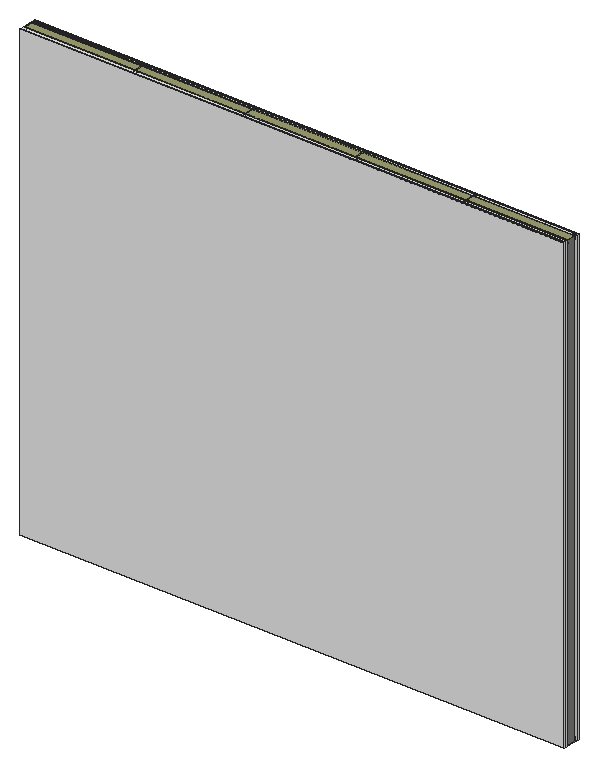
Revit family "Wall system Cementboard - Rigislab (STC 39_Uvalue 0.60)", category Structural Stiffeners, Revit 2020
Family settings
  OmniClass Number = 23.25.30.11.27
  OmniClass Title = Vibration and Earthquake Controls
  Cut with Voids When Loaded = No
  Shared = No
Parameters (values of type "STC 39(Cement board)")
  U-Value (W/m2k) = "0.60"
  U Value Report = ""
  Type of Insulation = "Glass Mineral Wool Semi-rigid slab"
  Total System Thickness-mm = 76 mm
  Thermal R Value = 1.4
  Thermal K Value = 0.348
  System Description = "1. Cementboard-6mm\r\n2. Ecowool Rigislab 50mm x 20kg/m3\r\n3. Stud 64mm \r\n4. Cementboard-6mm"
  Sustainability - Same documentation for all selection = ""
  SubW [instance] = roundup([built-in parameter 1001306] / 609 mm) * 609 mm  # 3045 mm
  SubL [instance] = if([built-in parameter 1001306] > 1218 mm, No Insulation * 609 mm, if([built-in parameter 1001306] > 609 mm, 609 mm, if([built-in parameter 1001306] > 0 mm, 0 mm, No Insulation * 609 mm))) + 1 mm  # 2437 mm
  STC in dB = 39
  STC Report = ""
  STC No = "39"
  Remarks = "Recommended for drywall partition applications where some acoustic performance\r\nare required. Such as office & commercial environment"
  No Metal Stud [instance] = ([built-in parameter 1001306] / [Metal Stud Spacer (mm)])  # 5
  No Insulation [instance] = roundup(SubW / 609 mm) - 1  # 4
  Metal Stud Width = 64 mm
  Metal Stud Spacer (mm) = 609 mm
  Material Specification = "Ecowool Brownie RigiSlab"
  Manufacturer = "PGF Insulation Sdn. Bhd."
  MSDS = ""
  built-in parameter 1001306 [instance] = 3000 mm
  Insulation Length (mm) = 609 mm
  Insulation Thickness (mm) = 50 mm
  Installation and Workmanship- Same for all the system = ""
  Height Wall (mm) = 2500 mm
  Handling and Storage- Same for all system = ""
  Gypsum Thickness (mm) = 6 mm
  Finish = BROWNIE RigiSlab
  FAQ- Same for all System = ""
  ECOWOOL Product thickness in mm = "50"
  Description = "Ecowool Rigislab is semi-rigid or rigid slabs of non-combustible, water repellent, glass mineral wool. They are designed to suit standard dry wall, ensuring a closed joint with adjacent slabs."
  Density = 20.00 kg/m³
  Board Material = Cement Board
  Board 2 = yes
  Board 1 = yes
  AutoCad Drawing = ""
Reference planes
  plane 1 "Center (Front/Back)": y = -12.5
  plane 2: z = 0
  plane 3 "Left": x = 0
  plane 4 "Right": x = 3000
  plane 5: z = 2500
  plane 6: x = 2437
  plane 7: x = 3046
Forms (mm)
  Extrusion 1, solid, material "BROWNIE RigiSlab" <- "Finish"
    sketch origin (0, 0, 0) x (1, 0, 0) y (0, 1, 0)
      loop
        line (2437, 12.5) -> (2437, -37.5) -> (3046, -37.5) -> (3046, 12.5) -> (2437, 12.5)
    from 0 to 2500
  Extrusion 2, void
    sketch origin (0, 0, 0) x (1, 0, 0) y (0, 1, 0)
      loop
        line (2999, 12.5) -> (2999, -37.5) -> (3046, -37.5) -> (3046, 12.5) -> (2999, 12.5)
    from -45.694 to 2779.923
Cuts and joins
  Extrusion 2 cuts Extrusion 1
Lines and regions (mm)
  reference lines
    curve 1: line (0, -12.5, 0) -> (3000, -12.5, 0)
Dimensions and locks
  "built-in parameter 1001306": plane 3 "Left" to plane 4 "Right"
  "Height Wall (mm)": plane 5 to level
  equal spacing: group 1, group 2, group 3, group 4, group 5  (x3)
  "Metal Stud Spacer (mm)": plane 3 "Left" to nested 3
  "SubL": plane 3 "Left" to plane 6
  locked: plane 6 to plane 7 at 609
  equal spacing: Extrusion 1 sketch curve, plane 1 "Center (Front/Back)", Extrusion 1 sketch curve
  "Insulation Thickness (mm)": Extrusion 1 sketch curve to Extrusion 1 sketch curve
  equal spacing: Extrusion 1, plane 1 "Center (Front/Back)", Extrusion 2 sketch curve
  "Insulation Thickness (mm)": Extrusion 2 sketch curve to Extrusion 2 sketch curve
  locked: Extrusion 2 sketch curve to plane 4 "Right" at 1
  plane 4 "Right" to plane 7 = 46 mm
  plane 6 to plane 4 "Right" = 563 mm
  equal spacing: group 6, group 7, group 8, group 9  (x3)
  equal spacing: Extrusion 2 sketch curve, Extrusion 2 sketch curve, nested 1
  aligned and locked: plane 4 "Right" to curve 1
  aligned and locked: plane 1 "Center (Front/Back)" to curve 1
  aligned and locked: plane 3 "Left" to curve 1
  aligned and locked: plane 3 "Left" to nested 1
  aligned and locked: plane 4 "Right" to nested 1
  aligned and locked: plane 5 to nested 2
  aligned and locked: plane 3 "Left" to nested 6
  aligned and locked: nested 8 to plane 4 "Right"
  aligned and locked: plane 1 "Center (Front/Back)" to nested 1
  aligned and locked: plane 1 "Center (Front/Back)" to nested 2
  aligned and locked: plane 1 "Center (Front/Back)" to nested 6
  aligned and locked: nested 8 to plane 1 "Center (Front/Back)"
  aligned and locked: nested 2 to nested 10
  aligned and locked: plane 1 "Center (Front/Back)" to nested 10
  aligned and locked: plane 7 to Extrusion 1 sketch curve
  aligned and locked: Extrusion 1 sketch curve to plane 6
  aligned and locked: plane 5 to Extrusion 1
  aligned and locked: Extrusion 1 to level
Automatic sketch dimensions
  Extrusion 2 sketch curve to plane 7 = 0 mm
Nested families
  nested 1: "Gypsum Plasterboard" at (0, -12.5, 0), type "Gypsum Plasterboard"
    with built-in parameter 1001306 3000 mm, Insulation Width 50 mm, Gypsum Thickness 6 mm
  nested 2: "Metal Stud" at (0, -12.5, 0), type "Metal Stud"
    with Metal Stud Width 64 mm
  nested 3: "Metal Stud" at (609, -12.5, 0), type "Metal Stud"
    with Metal Stud Width 64 mm
  nested 4: "Metal Stud" at (1218, -12.5, 0), type "Metal Stud"
    with Metal Stud Width 64 mm
  nested 5: "Metal Stud" at (1827, -12.5, 0), type "Metal Stud"
    with Metal Stud Width 64 mm
  nested 6: "Metal Runner" at (0, -12.5, 0), type "Metal Runner"
    with Metal Runner Width 50 mm, Length Metal Runner 3000 mm
  nested 7: "Metal Runner" at (0, -12.5, 2500) x (1, 0, 0) z (0, 0, -1), type "Metal Runner"
    with Metal Runner Width 50 mm, Length Metal Runner 3000 mm
  nested 8: "Metal Stud" at (3000, -12.5, 0) x (-1, 0, 0) z (0, 0, 1), type "Metal Stud"
    with Metal Stud Width 64 mm
  nested 9: "Metal Stud" at (2436, -12.5, 0), type "Metal Stud"
    with Metal Stud Width 64 mm
  nested 10: "Insulation Brownie" at (1, -12.5, 0), type "Insulation Brownie"
    with Thickness Insulation 50 mm
  nested 11: "Insulation Brownie" at (610, -12.5, 0), type "Insulation Brownie"
    with Thickness Insulation 50 mm
  nested 12: "Insulation Brownie" at (1219, -12.5, 0), type "Insulation Brownie"
    with Thickness Insulation 50 mm
  nested 13: "Insulation Brownie" at (1828, -12.5, 0), type "Insulation Brownie"
    with Thickness Insulation 50 mm
Definition of nested family "Gypsum Plasterboard"
  Parameters (values of type "Gypsum Plasterboard")
    Platerboard (inner Layer) = 16 mm
    Manufacturer = "Rockwool"
    built-in parameter 1001306 [instance] = 1200 mm
    Insulation Width = 55 mm
    Height Wall = 2500 mm
    Gypsum Thickness = 12.5 mm
    Description = "Double layers wall system - Rigislab 5020"
    Cement Board 2 = yes
    Cement Board 1 = yes
    Board Type = none
  Reference planes
    plane 1 "Center (Front/Back)": y = 0
    plane 2: z = 0
    plane 3 "Left": x = 0
    plane 4 "Right": x = 1200
    plane 5: y = 27.5
    plane 6: y = -27.5
    plane 7: z = 2500
  Forms (mm)
    Sweep 1, solid, material <- "Board Type", visible <- "Cement Board 1"
      path origin (0, 0, 0) x (1, 0, 0) y (0, -1, 0)
        loop
          line (0, 0) -> (1200, 0)
      profile origin (600, 0, 0) x (0, 1, 0) y (0, 0, 1)
        loop
          line (27.5, 2500) -> (27.5, 0) -> (43.5, 0) -> (43.5, 2500) -> (27.5, 2500)
    Sweep 2, solid, material <- "Board Type", visible <- "Cement Board 2"
      path origin (0, 16, 0) x (1, 0, 0) y (0, -1, 0)
        loop
          line (0, 0) -> (1200, 0)
      profile origin (600, 16, 0) x (0, 1, 0) y (0, 0, 1)
        loop
          line (27.5, 2500) -> (27.5, 0) -> (40, 0) -> (40, 2500) -> (27.5, 2500)
    Sweep 3, solid, material <- "Board Type", visible <- "Cement Board 1"
      path origin (0, 0, 0) x (1, 0, 0) y (0, 1, 0)
        loop
          line (0, 0) -> (1200, 0)
      profile origin (600, 0, 0) x (0, 1, 0) y (0, 0, 1)
        loop
          line (-27.5, 2500) -> (-43.5, 2500) -> (-43.5, 0) -> (-27.5, 0) -> (-27.5, 2500)
    Sweep 4, solid, material <- "Board Type", visible <- "Cement Board 2"
      path origin (0, -16, 0) x (1, 0, 0) y (0, 1, 0)
        loop
          line (0, 0) -> (1200, 0)
      profile origin (600, -16, 0) x (0, 1, 0) y (0, 0, 1)
        loop
          line (-27.5, 2500) -> (-40, 2500) -> (-40, 0) -> (-27.5, 0) -> (-27.5, 2500)
  Lines and regions (mm)
    reference lines
      curve 1: line (0, 0, 0) -> (1200, 0, 0)
  Dimensions and locks
    "built-in parameter 1001306": plane 3 "Left" to plane 4 "Right"
    "Insulation Width": plane 6 to plane 5
    "Height Wall": level to plane 7
    "built-in parameter 1001306": Sweep 1 sketch curve to Sweep 1 sketch curve
    "Platerboard (inner Layer)": Sweep 1 sketch curve to Sweep 1 sketch curve
    "built-in parameter 1001306": Sweep 2 sketch curve to Sweep 2 sketch curve
    "Gypsum Thickness": Sweep 2 sketch curve to Sweep 2 sketch curve
    equal spacing: plane 6, plane 1 "Center (Front/Back)", plane 5
    "built-in parameter 1001306": Sweep 3 sketch curve to Sweep 3 sketch curve
    "Platerboard (inner Layer)": Sweep 3 sketch curve to Sweep 3 sketch curve
    "built-in parameter 1001306": Sweep 4 sketch curve to Sweep 4 sketch curve
    "Gypsum Thickness": Sweep 4 sketch curve to Sweep 4 sketch curve
    aligned and locked: plane 4 "Right" to curve 1
    aligned and locked: plane 1 "Center (Front/Back)" to curve 1
    aligned and locked: plane 3 "Left" to curve 1
    aligned and locked: plane 5 to Sweep 1
    aligned and locked: Sweep 2 to Sweep 2
    aligned and locked: Sweep 1 sketch curve to plane 7
    aligned and locked: Sweep 2 sketch curve to plane 7
    aligned and locked: Sweep 2 to Sweep 1
    aligned and locked: Sweep 4 to Sweep 4
    aligned and locked: Sweep 3 to Sweep 4
  Automatic sketch dimensions
    plane 1 "Center (Front/Back)" to Sweep 1 sketch curve = 0 mm
    Sweep 1 sketch curve to plane 3 "Left" = 0 mm
    Sweep 1 sketch curve to level = 0 mm
    Sweep 1 sketch curve to profile plane = 27.5 mm
    Sweep 2 sketch curve to plane 3 "Left" = 0 mm
    Sweep 2 sketch curve to plane 5 = 11.5 mm
    Sweep 2 sketch curve to level = 0 mm
    Sweep 2 sketch curve to profile plane = 27.5 mm
    plane 1 "Center (Front/Back)" to Sweep 3 sketch curve = 0 mm
    Sweep 3 sketch curve to plane 3 "Left" = 0 mm
    Sweep 3 sketch curve to level = 0 mm
    profile plane to Sweep 3 sketch curve = 43.5 mm
    Sweep 3 sketch curve to Sweep 3 sketch curve = 2500 mm
    Sweep 4 sketch curve to plane 3 "Left" = 0 mm
    Sweep 4 sketch curve to plane 6 = 11.5 mm
    Sweep 4 sketch curve to level = 0 mm
    profile plane to Sweep 4 sketch curve = 40 mm
    level to Sweep 4 sketch curve = 2500 mm
Definition of nested family "Metal Stud"
  Parameters (values of type "Metal Stud")
    Metal Stud Width = 50 mm
    Height = 2500 mm
  Reference planes
    plane 1 "Center (Front/Back)": y = 0
    plane 2: z = 0
    plane 3 "Center (Left/Right)": x = 0
    plane 4 "Center L/S": y = 25
    plane 5 "Center L/T": y = -25
    plane 6: z = 1
    plane 7: z = 2500
    plane 8: z = 2499
  Forms (mm)
    Extrusion 1, solid
      sketch origin (0, 0, 0) x (1, 0, 0) y (0, 1, 0)
        loop
          line (0, 25) -> (0, -25) -> (20, -25) -> (20, -24) -> (1, -24) -> (1, 24) -> (20, 24) -> (20, 25) -> (0, 25)
      from 1 to 2499
  Dimensions and locks
    Extrusion 1 sketch curve to Extrusion 1 sketch curve = 1 mm  (x3)
    locked: plane 8 to plane 7 at 1
    plane 1 "Center (Front/Back)" to Extrusion 1 = 25 mm
    "Height": plane 7 to level
    "Metal Stud Width": plane 5 "Center L/T" to plane 4 "Center L/S"
    equal spacing: plane 5 "Center L/T", plane 1 "Center (Front/Back)", plane 4 "Center L/S"
    locked: plane 6 to plane 2 at 1
    aligned and locked: plane 4 "Center L/S" to Extrusion 1
    aligned and locked: plane 5 "Center L/T" to Extrusion 1
    aligned and locked: plane 3 "Center (Left/Right)" to Extrusion 1
    aligned and locked: Extrusion 1 to plane 6
    aligned and locked: plane 8 to Extrusion 1
  Automatic sketch dimensions
    Extrusion 1 sketch curve to plane 3 "Center (Left/Right)" = 0 mm
    plane 4 "Center L/S" to Extrusion 1 sketch curve = 0 mm
    plane 5 "Center L/T" to Extrusion 1 sketch curve = 0 mm
    Extrusion 1 sketch curve to Extrusion 1 sketch curve = 19 mm  (x2)
Definition of nested family "Metal Runner"
  Parameters (values of type "Metal Runner")
    Metal Runner Width = 48 mm
    Length Metal Runner = 2460 mm
    Default Elevation = 1219.2 mm
  Reference planes
    plane 1 "Center (Front/Back)": y = 0
    plane 2: z = 0
    plane 3 "Center (Left/Right)": x = 0
    plane 4 "Center L/S": y = 24
    plane 5 "Center L/T": y = -24
  Forms (mm)
    Extrusion 1, solid
      sketch origin (0, 0, 0) x (0, 1, 0) y (0, 0, 1)
        loop
          line (24, 0) -> (24, 20) -> (23, 20) -> (23, 1) -> (-23, 1) -> (-23, 20) -> (-24, 20) -> (-24, 0) -> (24, 0)
      from 0 to 2460
  Dimensions and locks
    "Metal Runner Width": plane 5 "Center L/T" to plane 4 "Center L/S"
    equal spacing: plane 5 "Center L/T", plane 1 "Center (Front/Back)", plane 4 "Center L/S"
    Extrusion 1 sketch curve to Extrusion 1 sketch curve = 1 mm  (x3)
    "Length Metal Runner": Extrusion 1 to Extrusion 1
    aligned and locked: plane 4 "Center L/S" to Extrusion 1 sketch curve
    aligned and locked: Extrusion 1 sketch curve to level
    aligned and locked: plane 5 "Center L/T" to Extrusion 1 sketch curve
  Automatic sketch dimensions
    Extrusion 1 sketch curve to Extrusion 1 sketch curve = 19 mm  (x2)
Definition of nested family "Insulation Brownie"
  Parameters (values of type "Insulation Brownie")
    Thickness Insulation = 75 mm
    Length of Insulation = 609 mm
    Height of Insulation = 2500 mm
    Finish = none
  Reference planes
    plane 1 "Center (Front/Back)": y = 0
    plane 2: z = 0
    plane 3 "Center (Left/Right)": x = 0
    plane 4: z = 2500
    plane 5: y = 37.5
    plane 6: y = -37.5
  Forms (mm)
    Sweep 1, solid, material <- "Finish"
      path origin (0, 0, 0) x (1, 0, 0) y (0, 1, 0)
        loop
          line (0, 0) -> (609, 0)
      profile origin (304.5, 0, 0) x (0, 1, 0) y (0, 0, 1)
        loop
          line (37.5, 2500) -> (-37.5, 2500) -> (-37.5, 0) -> (37.5, 0) -> (37.5, 2500)
  Dimensions and locks
    "Length of Insulation": Sweep 1 sketch curve to Sweep 1 sketch curve
    "Height of Insulation": plane 4 to level
    equal spacing: plane 5, plane 1 "Center (Front/Back)", plane 6
    "Thickness Insulation": plane 5 to plane 6
    aligned and locked: plane 3 "Center (Left/Right)" to Sweep 1 sketch curve
    aligned and locked: plane 5 to Sweep 1 sketch curve
    aligned and locked: Sweep 1 sketch curve to plane 6
  Automatic sketch dimensions
    plane 1 "Center (Front/Back)" to Sweep 1 sketch curve = 0 mm
    Sweep 1 sketch curve to level = 0 mm
    Sweep 1 sketch curve to plane 4 = 0 mm
